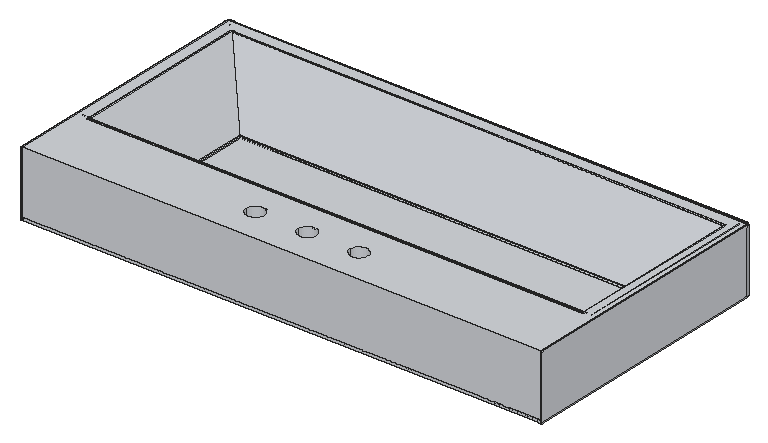
Revit family
Parameters (values of type "1000 x 500mm")
  Material = none
  Manufacturer = "Revit"
  Assembly Code = "D2010440"
Reference planes
  plane 1 "Center (Front/Back)": y = 0
  plane 2: z = 0
  plane 3 "Center (Left/Right)": x = 0
  plane 4: x = -134.49
  plane 5: x = -249.489
  plane 6: x = -224.489
Forms (mm)
  Sweep 1, solid, material <- "Material"
    path origin (-125, -75, 630) x (1, 0, 0) y (0, 1, 0)
      loop
        line (-348.531, 210) -> (-348.531, 550) -> (601.469, 550) -> (601.469, 210)
    profile origin (0, 305, 0) x (-1, 0, 0) y (0, 0, 1)
      loop
        line (488.392, 745) -> (488.392, 750) -> (474.501, 750)
        arc (474.501, 750) -> (473.531, 749.749) -> (472.805, 749.06) r 2
        line (472.805, 749.06) -> (398.98, 630.94)
        arc (398.98, 630.94) -> (398.253, 630.251) -> (397.284, 630) r 2
        line (397.284, 630) -> (393.039, 630) -> (393.039, 624.958) -> (401.137, 624.958) -> (476.163, 745) -> (488.392, 745)
  Sweep 2, solid, material <- "Material"
    path origin (-125, -75, 630) x (1, 0, 0) y (0, 1, 0)
      loop
        line (-351.163, 205) -> (604.101, 205)
    profile origin (1.469, 0, 0) x (0, 1, 0) y (0, 0, 1)
      loop
        line (149.827, 631.749) -> (135.102, 748.251)
        arc (135.102, 748.251) -> (134.441, 749.5) -> (133.118, 750) r 2
        line (133.118, 750) -> (129.881, 750) -> (145.686, 624.958) -> (155.686, 624.958) -> (155.686, 630) -> (151.811, 630)
        arc (151.811, 630) -> (150.489, 630.5) -> (149.827, 631.749) r 2
  Extrusion 3, solid, material <- "Material"
    sketch origin (-125, -75, 630) x (1, 0, 0) y (0, 1, 0)
      loop
        arc (-370.531, 573) -> (-372.653, 572.121) -> (-373.531, 570) r 3
        line (-373.531, 570) -> (-373.531, 75) -> (626.469, 75) -> (626.469, 570)
        arc (626.469, 570) -> (625.59, 572.121) -> (623.469, 573) r 3
        line (623.469, 573) -> (-370.531, 573)
      loop
        circle (25.511, 139.361) r 17.5
      loop
        circle (125.511, 139.361) r 17.5
      loop
        circle (225.511, 139.361) r 17.5
      loop
        line (604.101, 550) -> (-351.163, 550) -> (-351.163, 205) -> (604.101, 205) -> (604.101, 550)
    from 0 to 120
  Sweep 4, solid, material <- "Material"
    path origin (-125, -75, 630) x (1, 0, 0) y (0, 1, 0)
      loop
        line (-373.531, 75) -> (-373.531, 570)
        arc (-373.531, 570) -> (-372.067, 573.536) -> (-368.531, 575) r 5
        line (-368.531, 575) -> (621.469, 575)
        arc (621.469, 575) -> (625.004, 573.536) -> (626.469, 570) r 5
        line (626.469, 570) -> (626.469, 75)
    profile origin (0, 247.5, 0) x (-1, 0, 0) y (0, 0, 1)
      loop
        line (498.531, 750) -> (498.531, 625) -> (499.531, 625)
        arc (499.531, 625) -> (500.238, 625.293) -> (500.531, 626) r 1
        line (500.531, 626) -> (500.531, 749)
        arc (500.531, 749) -> (500.238, 749.707) -> (499.531, 750) r 1
        line (499.531, 750) -> (498.531, 750)
  Extrusion 5, solid, material <- "Material"
    sketch origin (-125, -75, 630) x (1, 0, 0) y (0, 1, 0)
      loop
        arc (-373.531, 80) -> (-372.067, 76.464) -> (-368.531, 75) r 5
        line (-368.531, 75) -> (621.469, 75)
        arc (621.469, 75) -> (625.004, 76.464) -> (626.469, 80) r 5
        line (626.469, 80) -> (626.469, 570)
        arc (626.469, 570) -> (625.004, 573.536) -> (621.469, 575) r 5
        line (621.469, 575) -> (-368.531, 575)
        arc (-368.531, 575) -> (-372.067, 573.536) -> (-373.531, 570) r 5
        line (-373.531, 570) -> (-373.531, 80)
      loop
        circle (125.51, 275) r 23
    from -5.042 to 0
Lines and regions (mm)
  symbolic lines
    curve 1: line (-495, 500, 0) -> (495, 500, 0)
    curve 2: arc (495, 500, 0) -> (498.536, 498.536, 0) -> (500, 495, 0) r 5
    curve 3: line (500, 495, 0) -> (500, 5, 0)
    curve 4: arc (500, 5, 0) -> (498.536, 1.464, 0) -> (495, 0, 0) r 5
    curve 5: line (495, 0, 0) -> (-495, 0, 0)
    curve 6: arc (-495, 0, 0) -> (-498.536, 1.464, 0) -> (-500, 5, 0) r 5
    curve 7: line (-500, 5, 0) -> (-500, 495, 0)
    curve 8: arc (-500, 495, 0) -> (-498.536, 498.536, 0) -> (-495, 500, 0) r 5
    curve 9: line (-470, 475, 0) -> (470, 475, 0)
    curve 10: arc (470, 475, 0) -> (473.536, 473.536, 0) -> (475, 470, 0) r 5
    curve 11: line (475, 470, 0) -> (475, 135, 0)
    curve 12: arc (475, 135, 0) -> (473.536, 131.464, 0) -> (470, 130, 0) r 5
    curve 13: line (470, 130, 0) -> (-470, 130, 0)
    curve 14: arc (-470, 130, 0) -> (-473.536, 131.464, 0) -> (-475, 135, 0) r 5
    curve 15: line (-475, 135, 0) -> (-475, 470, 0)
    curve 16: arc (-475, 470, 0) -> (-473.536, 473.536, 0) -> (-470, 475, 0) r 5
    curve 17: line (-470, 470, 0) -> (-388.13, 388.13, 0)
    curve 18: line (-470, 135, 0) -> (-389.982, 151.032, 0)
    curve 19: line (470, 135, 0) -> (390.329, 150.477, 0)
    curve 20: line (470, 470, 0) -> (387.696, 387.696, 0)
    curve 21: line (-380, 385, 0) -> (380, 385, 0)
    curve 22: arc (380, 385, 0) -> (383.536, 383.536, 0) -> (385, 380, 0) r 5
    curve 23: line (385, 380, 0) -> (385, 155.048, 0)
    curve 24: arc (385, 155.048, 0) -> (383.536, 151.513, 0) -> (380, 150.048, 0) r 5
    curve 25: line (380, 150.048, 0) -> (-380, 150.048, 0)
    curve 26: arc (-380, 150.048, 0) -> (-383.536, 151.513, 0) -> (-385, 155.048, 0) r 5
    curve 27: line (-385, 155.048, 0) -> (-385, 380, 0)
    curve 28: arc (-385, 380, 0) -> (-383.536, 383.536, 0) -> (-380, 385, 0) r 5
    curve 29: arc (-37.5, 200, 0) -> (0, 237.5, 0) -> (37.5, 200, 0) r 37.5
    curve 30: arc (37.5, 200, 0) -> (0, 162.5, 0) -> (-37.5, 200, 0) r 37.5
    curve 31: arc (-23, 200, 0) -> (0, 223, 0) -> (23, 200, 0) r 23
    curve 32: arc (23, 200, 0) -> (0, 177, 0) -> (-23, 200, 0) r 23
    curve 33: arc (-17.5, 64.361, 0) -> (0, 81.861, 0) -> (17.5, 64.361, 0) r 17.5
    curve 34: arc (17.5, 64.361, 0) -> (0, 46.861, 0) -> (-17.5, 64.361, 0) r 17.5
    curve 35: arc (82.5, 64.361, 0) -> (100, 81.861, 0) -> (117.5, 64.361, 0) r 17.5
    curve 36: arc (117.5, 64.361, 0) -> (100, 46.861, 0) -> (82.5, 64.361, 0) r 17.5
    curve 37: arc (-117.5, 64.361, 0) -> (-100, 81.861, 0) -> (-82.5, 64.361, 0) r 17.5
    curve 38: arc (-82.5, 64.361, 0) -> (-100, 46.861, 0) -> (-117.5, 64.361, 0) r 17.5
    curve 39: spline (-12.5, 136.838, 0) -> (-12.074, 137.573, 0) -> (-10.825, 138.258, 0) -> (-8.839, 138.846, 0) -> (-6.25, 139.297, 0) -> (-3.235, 139.581, 0) -> (0, 139.678, 0) -> (3.235, 139.581, 0) -> (6.25, 139.297, 0) -> (8.839, 138.846, 0) -> (10.825, 138.258, 0) -> (12.074, 137.573, 0) -> (12.5, 136.838, 0)
    curve 40: spline (-12.5, 136.838, 0) -> (-12.074, 136.102, 0) -> (-10.825, 135.418, 0) -> (-8.839, 134.829, 0) -> (-6.25, 134.378, 0) -> (-3.235, 134.094, 0) -> (0, 133.998, 0) -> (3.235, 134.094, 0) -> (6.25, 134.378, 0) -> (8.839, 134.829, 0) -> (10.825, 135.418, 0) -> (12.074, 136.102, 0) -> (12.5, 136.838, 0)
